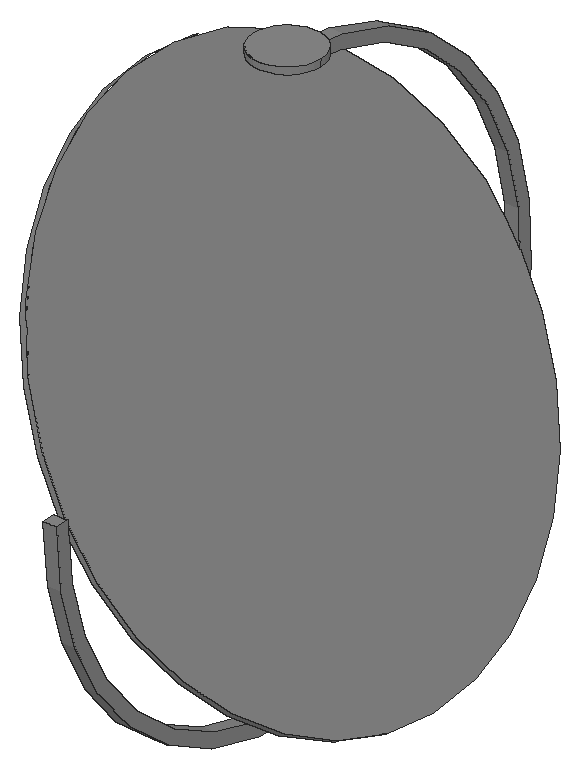
Revit family "Iluminação montada na superfície - Reflexiva", category Luminárias, Revit 2019
Family settings
  Hospedeiro = Forro
  Cota do conector redondo = Utilizar diâmetro
  Tipo de parte = Normal
  Número OmniClass = 23.80.70.11
  Título OmniClass = Luminaries for Internal Lighting
  Sempre na vertical = Sim
  Corte com vazios quando carregada = Não
  Fonte luminosa = Sim
  Compartilhado = Não
  Ponto de cálculo do ambiente = Não
Parameters (values of type "Iluminação montada na superfície - Reflexiva")
  Wattage = 60 W
  built-in parameter 1150110 = 1 (stored number, unit not read)
  built-in parameter 1114217 = 1 (stored number, unit not read)
  built-in parameter 1150109 = 1 (stored number, unit not read)
  built-in parameter 1150134 = (empty or 0)
  built-in parameter 1150113 = 1 (stored number, unit not read)
  Material de sombra = Metal - Acabamento pintado - Cinza escuro, fosco
  Lumens = 4800 lm
  built-in parameter 1010506 = 0.5236 (stored number, unit not read)
  built-in parameter 1010507 = 1.5708 (stored number, unit not read)
  Tilt Angle = 30.00°
  built-in parameter 1150115 = 1 (stored number, unit not read)
  built-in parameter 1150105 = 16049.1 (stored number, unit not read)
  Light Source Symbol Length = 3048 mm
  built-in parameter 1150137 = (empty or 0)
  built-in parameter 1150139 = (empty or 0)
  Material da luminária = Metal - Acabamento pintado - Cinza escuro, fosco
  built-in parameter 1150112 = 1 (stored number, unit not read)
  built-in parameter 1150114 = 1 (stored number, unit not read)
  built-in parameter 1150132 = (empty or 0)
  built-in parameter 1150102 = (empty or 0)
  built-in parameter 1150138 = (empty or 0)
  built-in parameter 1150107 = 3000 (stored number, unit not read)
  built-in parameter 1150106 = 160.49 (stored number, unit not read)
  Emit from Circle Diameter = 609.6 mm
  Emit Shape Visible in Rendering = no
  built-in parameter 1150104 = 7.4322 (stored number, unit not read)
  Dimming Lamp Color Temperature Shift = (empty or 0)
  Color Filter = 16777215
  built-in parameter 1114218 = 1 (stored number, unit not read)
  Comprimento do símbolo da fonte luminosa = 3048 mm
Reference planes
  plane 1 "Eixo de origem da luz (F/T)": y = 0
  plane 2 "Forro": z = 2438.4
  plane 3 "Eixo de origem da luz (E/D)": x = 0
  plane 4 "Elevação da origem da luz": z = 2213.4
  plane 5: z = 2433.4
  plane 6: z = 1998.4
  plane 7: z = 2428.4
  plane 8: x = -5
  plane 9: x = 5
  plane 10: y = 188
  plane 11: y = -188
Forms (mm)
  Extrusion 1, solid, material "Metal - Acabamento pintado - Cinza escuro, fosco" <- "Material de sombra"
    sketch origin (0, 0, 2213.4) x (0, -1, 0) y (0.5, 0, -0.866025)
      loop
        circle (0, 0) r 210
    from 0 to 4.373
  Extrusion 2, solid, material "Metal - Acabamento pintado - Cinza escuro, fosco" <- "Material da luminária"
    sketch origin (0, 0, 2438.4) x (1, 0, 0) y (0, 1, 0)
      loop
        circle (0, 0) r 25
    from 0 to -5
  Extrusion 3, solid, material "Metal - Acabamento pintado - Cinza escuro, fosco" <- "Material da luminária"
    sketch origin (0, 0, 0) x (0, 1, 0) y (0, 0, 1)
      loop
        arc (-219.966, 2217.269) -> (154.19, 2056.475) -> (0, 2433.4) r 220
        line (0, 2433.4) -> (0, 2423.4)
        arc (0, 2423.4) -> (147.118, 2063.546) -> (-209.964, 2217.269) r 210
        line (-209.964, 2217.269) -> (-219.966, 2217.269)
    from -5 to 5
Lines and regions (mm)
  reference lines
    curve 1: line (0, 0, 2213.4) -> (0, 0, 3027.328)
    curve 2: line (0, 0, 2213.4) -> (0, 0, 1713.4)
    curve 3: line (0, 0, 2213.4) -> (-584.567, 0, 1875.9)
  symbolic lines, style "InvisibleLines", not visible
    curve 4: arc (0, -219.966, 2217.269) -> (0, 154.19, 2056.475) -> (0, 0, 2433.4) r 220
    curve 5: arc (0, -214.96, 2217.543) -> (0, 150.556, 2059.914) -> (0, 0, 2428.4) r 215
Text (mm)
  text "Ângulo de inclinação 0" at (-1482.244, 236.007, 2133.6), in view "Nível de referência"
  text "Ângulo de inclinação de 180 graus" at (653.058, 236.007, 2133.6), in view "Nível de referência"
Dimensions and locks
  equal spacing: host sketch curve, plane 3 "Eixo de origem da luz (E/D)", host sketch curve
  equal spacing: host sketch curve, plane 1 "Eixo de origem da luz (F/T)", host sketch curve
  host sketch curve to host sketch curve = 3048 mm  (x2)
  equal spacing: plane 7, imposter light, plane 6
  plane 10 to plane 11 = 376 mm
  plane 2 "Forro" to plane 6 = 440 mm
  plane 9 to plane 3 "Eixo de origem da luz (E/D)" to plane 8 = 5 mm locked, 5 mm locked
  "Tilt Angle": angle curve 3 to plane 4 "Elevação da origem da luz"
  aligned and locked: plane 4 "Elevação da origem da luz" to imposter light
  aligned and locked: plane 3 "Eixo de origem da luz (E/D)" to curve 3
  aligned and locked: plane 4 "Elevação da origem da luz" to curve 3
  aligned and locked: imposter light to plane 1 "Eixo de origem da luz (F/T)"
  aligned and locked: Extrusion 3 to plane 8
  aligned and locked: Extrusion 3 to plane 9
Automatic sketch dimensions
  curve 1 to plane 1 "Eixo de origem da luz (F/T)" = 0 mm
  plane 4 "Elevação da origem da luz" to curve 1 = 0 mm
  plane 2 "Forro" to curve 1 = 588.928 mm
  plane 4 "Elevação da origem da luz" to curve 2 = 500 mm
  plane 1 "Eixo de origem da luz (F/T)" to Extrusion 2 sketch curve = 0 mm
  Extrusion 2 sketch curve to plane 3 "Eixo de origem da luz (E/D)" = 0 mm
  curve 4 to plane 4 "Elevação da origem da luz" = 3.869 mm
  curve 4 to plane 5 = 0 mm
  curve 4 to curve 5 = 0 mm  (x2)
  curve 5 to plane 1 "Eixo de origem da luz (F/T)" = 0 mm
  plane 4 "Elevação da origem da luz" to curve 5 = 0 mm
  curve 5 to plane 7 = 0 mm
  curve 5 to plane 4 "Elevação da origem da luz" = 4.143 mm
  Extrusion 3 sketch curve to plane 5 = 0 mm
  plane 1 "Eixo de origem da luz (F/T)" to Extrusion 1 sketch curve = 0 mm
  Extrusion 3 sketch curve to plane 1 "Eixo de origem da luz (F/T)" = 0 mm
  Extrusion 3 sketch curve to plane 11 = 21.964 mm
  Extrusion 3 sketch curve to Extrusion 3 sketch curve = 0 mm
  plane 4 "Elevação da origem da luz" to Extrusion 3 sketch curve = 0 mm
  Extrusion 3 sketch curve to plane 4 "Elevação da origem da luz" = 3.869 mm
  radius of Extrusion 2 sketch curve = 25 mm
  radius of Extrusion 1 sketch curve = 210 mm
